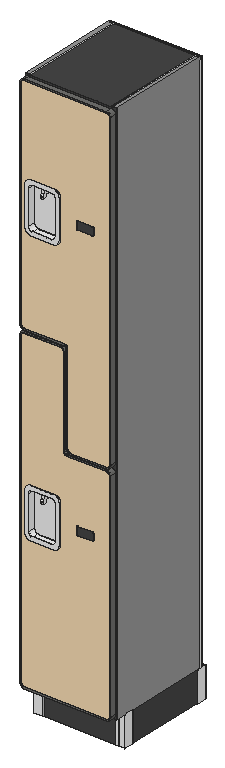
Revit family "Wood_Lockers-Salsbury_Industries-37000_Series-1_Wide_Units", category Specialty Equipment, Revit 2026 (continued)
Definition of nested family "Wood Locker S-Style Bottom Doors"
  Automatic sketch dimensions
    plane 13 "Left Side of Number Tag" to Extrusion 6 sketch curve = 0.000"
    plane 11 "Top of Number Tag" to Extrusion 6 sketch curve = 0.000"
    plane 13 "Left Side of Number Tag" to Extrusion 6 sketch curve = 0.14916"  (x2)
    Extrusion 6 sketch curve to plane 14 "Right Side of Number Tag" = 0.14916"
    Extrusion 6 sketch curve to plane 14 "Right Side of Number Tag" = 0.000"
    Extrusion 6 sketch curve to plane 12 "Bottom of Number Tag" = 0.14916"
    Extrusion 6 sketch curve to plane 12 "Bottom of Number Tag" = 0.000"
    plane 31 "Hasp Inset-Left" to Extrusion 7 sketch curve = 0.063"
    plane 34 "Hasp Inset-Bottom" to Extrusion 7 sketch curve = 0.063"
    Extrusion 7 sketch curve to plane 33 "Hasp Inset-Top" = 0.063"
    Extrusion 7 sketch curve to plane 32 "Hasp Inset-Right" = 0.0625"
    Extrusion 7 sketch curve to plane 31 "Hasp Inset-Left" = 0.437"
    plane 37 "Hasp Letters - Left Side" to Extrusion 7 sketch curve = 0.407"
    Extrusion 7 sketch curve to plane 38 "Hasp Letters - Right Side" = 0.4065"
    Extrusion 7 sketch curve to Extrusion 7 sketch curve = 0.500"
    Extrusion 8 sketch curve to plane 18 "Right Side of Hasp" = 0.000"
    Extrusion 8 sketch curve to plane 20 "Top of Hasp" = 0.000"
    Extrusion 8 sketch curve to plane 21 "Bottom of Hasp" = 0.000"
    Extrusion 8 sketch curve to plane 17 "Left Side of Hasp" = 0.000"
    plane 32 "Hasp Inset-Right" to Extrusion 8 sketch curve = 0.250"
    Extrusion 8 sketch curve to plane 44 "Hasp Handle - Center of Lock Hole" = 0.125"
    Extrusion 8 sketch curve to plane 31 "Hasp Inset-Left" = 0.250"  (x2)
    plane 31 "Hasp Inset-Left" to Extrusion 9 sketch curve = 0.000"
    Extrusion 9 sketch curve to plane 33 "Hasp Inset-Top" = 0.000"
    Extrusion 9 sketch curve to plane 34 "Hasp Inset-Bottom" = 0.000"
    plane 32 "Hasp Inset-Right" to Extrusion 9 sketch curve = 0.000"
    plane 37 "Hasp Letters - Left Side" to Extrusion 9 sketch curve = 0.344"  (x2)
    Extrusion 9 sketch curve to plane 38 "Hasp Letters - Right Side" = 0.344"
    plane 44 "Hasp Handle - Center of Lock Hole" to Extrusion 9 sketch curve = 0.125"
    Extrusion 10 sketch curve to plane 28 "Melamine-Particleboard Line" = 0.000"
    plane 33 "Hasp Inset-Top" to Extrusion 10 sketch curve = 0.000"
    Extrusion 10 sketch curve to plane 27 "Laminate-Particleboard Line" = 0.000"
    plane 43 "Hasp Handle - Lock Area Bottom" to Extrusion 10 sketch curve = 0.000"
    Extrusion 10 sketch curve to plane 22 "Front of Hasp" = 0.000"
    Extrusion 10 sketch curve to plane 45 = 0.000"
    plane 41 "Hasp Handle - Bottom" to Extrusion 10 sketch curve = 0.000"
    Extrusion 10 sketch curve to plane 42 "Hasp Handle - Lip" = 0.07049"
    Extrusion 10 sketch curve to plane 42 "Hasp Handle - Lip" = 0.06247"
    plane 43 "Hasp Handle - Lock Area Bottom" to Extrusion 10 sketch curve = 0.02394"
    plane 1 "Center (Front/Back)" to Extrusion 10 sketch curve = 0.063"
    Extrusion 10 sketch curve to plane 41 "Hasp Handle - Bottom" = 0.09888"  (x2)
    Extrusion 10 sketch curve to plane 29 "Back of Number Plate Inset" = 0.03992"
    Extrusion 10 sketch curve to Extrusion 10 sketch curve = 0.100"
    plane 7 "Front of Door" to Extrusion 10 sketch curve = 0.04375"
    Extrusion 11 sketch curve to plane 1 "Center (Front/Back)" = 0.000"
    plane 44 "Hasp Handle - Center of Lock Hole" to Extrusion 11 sketch curve = 0.000"
    Extrusion 12 sketch curve to plane 51 = 0.000"
    Extrusion 12 sketch curve to plane 52 = 0.000"
    plane 53 "Top Hinge" to Extrusion 13 sketch curve = 0.250"
    plane 54 to Extrusion 13 sketch curve = 0.000"
    Extrusion 13 sketch curve to plane 53 "Top Hinge" = 0.250"
    plane 54 to Extrusion 13 sketch curve = 0.500"
    plane 55 "Bottom Hinge" to Extrusion 14 sketch curve = 0.250"
    plane 54 to Extrusion 14 sketch curve = 0.000"
    plane 54 to Extrusion 14 sketch curve = 0.500"
    Extrusion 14 sketch curve to plane 55 "Bottom Hinge" = 0.250"
    plane 10 "Center of Door" to Extrusion 15 sketch curve = 0.250"
    plane 54 to Extrusion 15 sketch curve = 0.000"
    plane 54 to Extrusion 15 sketch curve = 0.500"
    Extrusion 15 sketch curve to plane 10 "Center of Door" = 0.250"
    plane 23 "Left Side of Door-Right Side of Trim" to Extrusion 3 sketch curve = 0.000"
    Extrusion 3 sketch curve to plane 26 "Bottom of Door-Top of Trim" = 0.000"
    plane 51 to Extrusion 3 sketch curve = 0.000"  (x2)
    Extrusion 3 sketch curve to plane 25 "Top of Door-Bottom of Trim" = 0.000"
    Extrusion 3 sketch curve to plane 52 = 0.000"
    plane 58 to Extrusion 3 sketch curve = 0.000"
    Extrusion 3 sketch curve to plane 59 = 0.000"
    plane 24 "Right Side of Door-Left Side of Trim" to Extrusion 3 sketch curve = 0.000"
    Extrusion 3 sketch curve to plane 56 "Long Panel Edge" = 0.275"
    Extrusion 3 sketch curve to plane 54 = 0.100"  (x2)
    Sweep 4 sketch curve to profile plane = 0.000"
    profile plane to Sweep 4 sketch curve = 0.125"
    Sweep 4 sketch curve to plane 1 "Center (Front/Back)" = 0.375"
    plane 1 "Center (Front/Back)" to Sweep 4 sketch curve = 0.375"
    plane 23 "Left Side of Door-Right Side of Trim" to Extrusion 1 sketch curve = 0.000"
    Extrusion 1 sketch curve to plane 25 "Top of Door-Bottom of Trim" = 0.000"
    plane 51 to Extrusion 1 sketch curve = 0.000"  (x2)
    Extrusion 1 sketch curve to plane 26 "Bottom of Door-Top of Trim" = 0.000"
    Extrusion 1 sketch curve to plane 52 = 0.000"
    plane 58 to Extrusion 1 sketch curve = 0.000"
    Extrusion 1 sketch curve to plane 59 = 0.000"
    plane 24 "Right Side of Door-Left Side of Trim" to Extrusion 1 sketch curve = 0.000"
    Extrusion 1 sketch curve to plane 56 "Long Panel Edge" = 0.275"
    Extrusion 1 sketch curve to plane 54 = 0.100"  (x2)
    plane 23 "Left Side of Door-Right Side of Trim" to Extrusion 2 sketch curve = 0.000"
    Extrusion 2 sketch curve to plane 25 "Top of Door-Bottom of Trim" = 0.000"
    plane 51 to Extrusion 2 sketch curve = 0.000"  (x2)
    Extrusion 2 sketch curve to plane 26 "Bottom of Door-Top of Trim" = 0.000"
    Extrusion 2 sketch curve to plane 52 = 0.000"
    plane 58 to Extrusion 2 sketch curve = 0.000"
    Extrusion 2 sketch curve to plane 59 = 0.000"
    plane 24 "Right Side of Door-Left Side of Trim" to Extrusion 2 sketch curve = 0.000"
    Extrusion 2 sketch curve to plane 56 "Long Panel Edge" = 0.275"
    Extrusion 2 sketch curve to plane 54 = 0.100"  (x2)
    plane 23 "Left Side of Door-Right Side of Trim" to Sweep 4 sketch curve = 0.000"
    Sweep 4 sketch curve to plane 26 "Bottom of Door-Top of Trim" = 0.000"
    plane 51 to Sweep 4 sketch curve = 0.000"  (x2)
    Sweep 4 sketch curve to plane 25 "Top of Door-Bottom of Trim" = 0.000"
    Sweep 4 sketch curve to plane 52 = 0.000"
    plane 58 to Sweep 4 sketch curve = 0.000"
    Sweep 4 sketch curve to plane 59 = 0.000"
    plane 24 "Right Side of Door-Left Side of Trim" to Sweep 4 sketch curve = 0.000"
    Sweep 4 sketch curve to plane 56 "Long Panel Edge" = 0.275"
    Sweep 4 sketch curve to plane 54 = 0.100"  (x2)
    curve 7 to plane 52 = 0.250"
    plane 25 "Top of Door-Bottom of Trim" to curve 7 = 0.150"
    plane 51 to curve 22 = 0.000"
    plane 51 to curve 17 = 0.000"
    curve 18 to plane 52 = 0.000"
    curve 32 to plane 31 "Hasp Inset-Left" = 0.250"
    curve 34 to plane 31 "Hasp Inset-Left" = 0.250"
    plane 37 "Hasp Letters - Left Side" to curve 37 = 0.344"
    plane 44 "Hasp Handle - Center of Lock Hole" to curve 40 = 0.125"
    curve 38 to plane 38 "Hasp Letters - Right Side" = 0.344"
    curve 41 to plane 38 "Hasp Letters - Right Side" = 0.344"
    curve 30 to plane 44 "Hasp Handle - Center of Lock Hole" = 0.125"
    plane 32 "Hasp Inset-Right" to curve 31 = 0.250"
    plane 3 "Center (Left/Right)" to curve 19 = 0.1495"
    curve 49 to plane 12 "Bottom of Number Tag" = 0.14916"
    curve 54 to curve 48 = 0.14916"
    curve 53 to plane 14 "Right Side of Number Tag" = 0.14916"
    curve 50 to curve 50 = 0.14916"
    curve 23 to plane 54 = 0.100"
    curve 20 to plane 54 = 0.100"
    radius of Extrusion 11 sketch curve = 0.175"
    radius of Extrusion 12 sketch curve = 0.250"
Definition of nested family "Wood Locker Bases"
  Parameters (values of type "Base - 12" W x 15" D Lockers")
    Width = 12.000"
    Visible Base = yes
    Visible = no
    Model = "Base - 12\" W x 15\" D Lockers"
    Manufacturer = "Salsbury Industries"
    Height = 4.000"
    Depth = 13.250"
    Default Elevation = 0.000"
    Base Secondary Material = none
    Base Primary Materials = none
    Base Hardware = none
  Types (14): name | Width | Visible Base | Visible | Model | Depth
    (no name) | 12.000" | yes | no | "Base - 12\" W x 15\" D Lockers" | 13.250"
    Base - 12" W x 15" D Lockers | 12.000" | yes | no | "Base - 12\" W x 15\" D Lockers" | 13.250"
    Base - 12" W x 18" D Lockers | 12.000" | yes | no | "Base - 12\" W x 18\" D Lockers" | 16.250"
    Base - 12" W x 21" D Lockers | 12.000" | yes | no | "Base - 12\" W x 21\" D Lockers" | 19.250"
    Base - 36" W x 15" D Lockers | 36.000" | yes | yes | "Base - 36\" W x 15\" D Lockers" | 13.250"
    Base - 36" W x 18" D Lockers | 36.000" | yes | yes | "Base - 36\" W x 18\" D Lockers" | 16.250"
    Base - 36" W x 21" D Lockers | 36.000" | yes | yes | "Base - 36\" W x 21\" D Lockers" | 19.250"
    Base - 15" W x 18" D Lockers | 15.000" | yes | no | "Base - 15\" W x 18\" D Lockers" | 16.250"
    Base - 15" W x 21" D Lockers | 15.000" | yes | no | "Base - 15\" W x 21\" D Lockers" | 19.250"
    Base - 15" W x 24" D Lockers | 15.000" | yes | no | "Base - 15\" W x 24\" D Lockers" | 22.250"
    Base - 45" W x 18" D Lockers | 45.000" | yes | yes | "Base - 45\" W x 18\" D Lockers" | 16.250"
    Base - 45" W x 21" D Lockers | 45.000" | yes | yes | "Base - 45\" W x 21\" D Lockers" | 19.250"
    Base - 45" W x 24" D Lockers | 45.000" | yes | yes | "Base - 45\" W x 24\" D Lockers" | 22.250"
    None | 12.000" | no | no | "Base - 12\" W x 15\" D Lockers" | 13.250"
  Reference planes (in)
    plane 1 "Center (Front/Back)": y = 0
    plane 2: z = 0
    plane 3 "Center (Left/Right)": x = 0
    plane 4 "Left Edge": x = -6
    plane 5 "Right Edge": x = 6
    plane 6 "Back Edge": y = 6.625
    plane 7 "Front Edge": y = -6.625
    plane 8 "Bottom Edge": z = 0
    plane 9 "Top Edge": z = 4
    plane 10: x = -4.75
    plane 11: x = -4.102
    plane 12: y = 6.562
    plane 13: y = 5.8
    plane 14: x = -5.131
    plane 15: x = -5.256
    plane 16: x = -5.937
    plane 17: x = -5.175
    plane 18: y = 4.727
    plane 19: y = 5.375
    plane 20: y = 5.756
    plane 21: y = 5.881
    plane 22: x = -5.931
    plane 23: x = 5.931
    plane 24: y = 6.556
    plane 25: y = -6.556
    plane 26: y = 6.525
    plane 27: y = -6.525
    plane 28: x = -5.9
    plane 29: x = 5.9
    plane 30: x = -2.375
    plane 31: x = 2.375
  Forms (in)
    Extrusion 1, solid, material <- "Base Hardware", visible <- "Visible Base"
      sketch origin (0, 0, 0) x (1, 0, 0) y (0, 1, 0)
        loop
          arc (-5.967125, 6.625) -> (-5.9909808, 6.6159808) -> (-6, 6.592125) r 0.031
          line (-6, 6.592125) -> (-6, 5.4065)
          arc (-6, 5.4065) -> (-5.9685, 5.375) -> (-5.937, 5.4065) r 0.0315
          line (-5.937, 5.4065) -> (-5.937, 5.756) -> (-5.837, 5.756) -> (-5.837, 5.819) -> (-5.937, 5.819) -> (-5.937, 6.5146499) -> (-5.256, 5.8336499) -> (-5.256, 5.756) -> (-5.175, 5.756) -> (-5.175, 4.7583269)
          arc (-5.175, 4.7583269) -> (-5.1436731, 4.727) -> (-5.1123463, 4.7583269) r 0.0313269
          line (-5.1123463, 4.7583269) -> (-5.1123463, 5.737032) -> (-4.133484, 5.737032)
          arc (-4.133484, 5.737032) -> (-4.102, 5.768516) -> (-4.133484, 5.8) r 0.031484
          line (-4.133484, 5.8) -> (-5.131, 5.8) -> (-5.131, 5.881) -> (-5.2142208, 5.881) -> (-5.8952208, 6.562) -> (-5.194, 6.562) -> (-5.194, 6.462) -> (-5.131, 6.462) -> (-5.131, 6.562) -> (-4.7814004, 6.562)
          arc (-4.7814004, 6.562) -> (-4.7499004, 6.5935) -> (-4.7814004, 6.625) r 0.0315
          line (-4.7814004, 6.625) -> (-5.967125, 6.625)
      from 0 to 4
    Extrusion 2, solid, material <- "Base Hardware", visible <- "Visible Base"
      sketch origin (0, 0, 0) x (-1, 0, 0) y (0, -1, 0)
        loop
          line (-5.967125, -6.625) -> (-4.7814004, -6.625)
          arc (-4.7814004, -6.625) -> (-4.7499004, -6.5935) -> (-4.7814004, -6.562) r 0.0315
          line (-4.7814004, -6.562) -> (-5.131, -6.562) -> (-5.131, -6.462) -> (-5.194, -6.462) -> (-5.194, -6.562) -> (-5.8952208, -6.562) -> (-5.2142208, -5.881) -> (-5.131, -5.881) -> (-5.131, -5.8) -> (-4.133484, -5.8)
          arc (-4.133484, -5.8) -> (-4.102, -5.768516) -> (-4.133484, -5.737032) r 0.031484
          line (-4.133484, -5.737032) -> (-5.1123463, -5.737032) -> (-5.1123463, -4.7583269)
          arc (-5.1123463, -4.7583269) -> (-5.1436731, -4.727) -> (-5.175, -4.7583269) r 0.0313269
          line (-5.175, -4.7583269) -> (-5.175, -5.756) -> (-5.256, -5.756) -> (-5.256, -5.8336499) -> (-5.937, -6.5146499) -> (-5.937, -5.819) -> (-5.837, -5.819) -> (-5.837, -5.756) -> (-5.937, -5.756) -> (-5.937, -5.4065)
          arc (-5.937, -5.4065) -> (-5.9685, -5.375) -> (-6, -5.4065) r 0.0315
          line (-6, -5.4065) -> (-6, -6.592125)
          arc (-6, -6.592125) -> (-5.9909808, -6.6159808) -> (-5.967125, -6.625) r 0.031
      from 0 to 4
    Extrusion 3, solid, material <- "Base Hardware", visible <- "Visible Base"
      sketch origin (0, 0, 0) x (1, 0, 0) y (0, 1, 0)
        loop
          line (-5.967125, -6.625) -> (-4.7814004, -6.625)
          arc (-4.7814004, -6.625) -> (-4.7499004, -6.5935) -> (-4.7814004, -6.562) r 0.0315
          line (-4.7814004, -6.562) -> (-5.131, -6.562) -> (-5.131, -6.462) -> (-5.194, -6.462) -> (-5.194, -6.562) -> (-5.8952208, -6.562) -> (-5.2142208, -5.881) -> (-5.131, -5.881) -> (-5.131, -5.8) -> (-4.133484, -5.8)
          arc (-4.133484, -5.8) -> (-4.102, -5.768516) -> (-4.133484, -5.737032) r 0.031484
          line (-4.133484, -5.737032) -> (-5.1123463, -5.737032) -> (-5.1123463, -4.7583269)
          arc (-5.1123463, -4.7583269) -> (-5.1436731, -4.727) -> (-5.175, -4.7583269) r 0.0313269
          line (-5.175, -4.7583269) -> (-5.175, -5.756) -> (-5.256, -5.756) -> (-5.256, -5.8336499) -> (-5.937, -6.5146499) -> (-5.937, -5.819) -> (-5.837, -5.819) -> (-5.837, -5.756) -> (-5.937, -5.756) -> (-5.937, -5.4065)
          arc (-5.937, -5.4065) -> (-5.9685, -5.375) -> (-6, -5.4065) r 0.0315
          line (-6, -5.4065) -> (-6, -6.592125)
          arc (-6, -6.592125) -> (-5.9909808, -6.6159808) -> (-5.967125, -6.625) r 0.031
      from 0 to 4
    Extrusion 4, solid, material <- "Base Hardware", visible <- "Visible Base"
      sketch origin (0, 0, 0) x (-1, 0, 0) y (0, -1, 0)
        loop
          arc (-5.967125, 6.625) -> (-5.9909808, 6.6159808) -> (-6, 6.592125) r 0.031
          line (-6, 6.592125) -> (-6, 5.4065)
          arc (-6, 5.4065) -> (-5.9685, 5.375) -> (-5.937, 5.4065) r 0.0315
          line (-5.937, 5.4065) -> (-5.937, 5.756) -> (-5.837, 5.756) -> (-5.837, 5.819) -> (-5.937, 5.819) -> (-5.937, 6.5146499) -> (-5.256, 5.8336499) -> (-5.256, 5.756) -> (-5.175, 5.756) -> (-5.175, 4.7583269)
          arc (-5.175, 4.7583269) -> (-5.1436731, 4.727) -> (-5.1123463, 4.7583269) r 0.0313269
          line (-5.1123463, 4.7583269) -> (-5.1123463, 5.737032) -> (-4.133484, 5.737032)
          arc (-4.133484, 5.737032) -> (-4.102, 5.768516) -> (-4.133484, 5.8) r 0.031484
          line (-4.133484, 5.8) -> (-5.131, 5.8) -> (-5.131, 5.881) -> (-5.2142208, 5.881) -> (-5.8952208, 6.562) -> (-5.194, 6.562) -> (-5.194, 6.462) -> (-5.131, 6.462) -> (-5.131, 6.562) -> (-4.7814004, 6.562)
          arc (-4.7814004, 6.562) -> (-4.7499004, 6.5935) -> (-4.7814004, 6.625) r 0.0315
          line (-4.7814004, 6.625) -> (-5.967125, 6.625)
      from 0 to 4
    Extrusion 5, solid, material <- "Base Secondary Material", visible <- "Visible Base"
      sketch origin (0, 0, 0) x (0, -1, 0) y (1, 0, 0)
        loop
          line (-5.756, 5.9) -> (-5.756, 5.181) -> (5.7569692, 5.181) -> (5.7569692, 5.9) -> (-5.756, 5.9)
      from 0 to 4
    Extrusion 6, solid, material <- "Base Secondary Material", visible <- "Visible Base"
      sketch origin (0, 0, 0) x (0, -1, 0) y (1, 0, 0)
        loop
          line (-5.756, -5.9) -> (5.7569692, -5.9) -> (5.7569692, -5.181) -> (-5.756, -5.181) -> (-5.756, -5.9)
      from 0 to 4
    Extrusion 7, solid, material <- "Base Secondary Material", visible <- "Visible Base"
      sketch origin (-2.0552074, 0.625, 0) x (1, 0, 0) y (0, 1, 0)
        loop
          line (-3.0757926, 5.9) -> (-3.0757926, 5.181) -> (7.1862074, 5.181) -> (7.1862074, 5.9) -> (-3.0757926, 5.9)
      from 0 to 4
    Extrusion 8, solid, material <- "Base Secondary Material", visible <- "Visible Base"
      sketch origin (-2.0552074, -0.625, 0) x (1, 0, 0) y (0, 1, 0)
        loop
          line (-3.0757926, -5.9) -> (7.1862074, -5.9) -> (7.1862074, -5.181) -> (-3.0757926, -5.181) -> (-3.0757926, -5.9)
      from 0 to 4
    Extrusion 9, solid, material <- "Base Primary Materials", visible <- "Visible Base"
      sketch origin (0.7645193, 0, 0) x (0, -1, 0) y (1, 0, 0)
        loop
          line (-5.756, 5.1664807) -> (-5.756, 5.1354807) -> (5.7569692, 5.1354807) -> (5.7569692, 5.1664807) -> (-5.756, 5.1664807)
      from 0 to 4
    Extrusion 10, solid, material <- "Base Primary Materials", visible <- "Visible Base"
      sketch origin (-0.719, 0, 0) x (0, -1, 0) y (1, 0, 0)
        loop
          line (-5.756, -5.212) -> (5.7569692, -5.212) -> (5.7569692, -5.181) -> (-5.756, -5.181) -> (-5.756, -5.212)
      from 0 to 4
    Extrusion 11, solid, material <- "Base Primary Materials", visible <- "Visible Base"
      sketch origin (-2.0552074, 1.344, 0) x (1, 0, 0) y (0, 1, 0)
        loop
          line (-3.0757926, 5.218) -> (-3.0757926, 5.181) -> (7.1862074, 5.181) -> (7.1862074, 5.218) -> (-3.0757926, 5.218)
      from 0 to 4
    Extrusion 12, solid, material <- "Base Primary Materials", visible <- "Visible Base"
      sketch origin (-2.0552074, -1.344, 0) x (1, 0, 0) y (0, 1, 0)
        loop
          line (-3.0757926, -5.212) -> (7.1862074, -5.212) -> (7.1862074, -5.181) -> (-3.0757926, -5.181) -> (-3.0757926, -5.212)
      from 0 to 4
    Extrusion 13, solid, material <- "Base Secondary Material", visible <- "Visible"
      sketch origin (0, 0, 4) x (0, -1, 0) y (1, 0, 0)
        loop
          line (-5.806, -2.375) -> (5.806, -2.375) -> (5.806, 2.375) -> (-5.806, 2.375) -> (-5.806, -2.375)
      from 0 to -0.75
    Extrusion 14, solid, material <- "Base Secondary Material", visible <- "Visible"
      sketch origin (0, 0, 0) x (0, -1, 0) y (1, 0, 0)
        loop
          line (-5.806, -2.375) -> (-5.056, -2.375) -> (-5.056, 2.375) -> (-5.806, 2.375) -> (-5.806, -2.375)
      from 0 to 3.25
    Extrusion 15, solid, material <- "Base Secondary Material", visible <- "Visible"
      sketch origin (0, 0, 0) x (0, 1, 0) y (-1, 0, 0)
        loop
          line (-5.806, 2.375) -> (-5.806, -2.375) -> (-5.056, -2.375) -> (-5.056, 2.375) -> (-5.806, 2.375)
      from 0 to 3.25
  Dimensions and locks (in)
    equal spacing: plane 4 "Left Edge", plane 3 "Center (Left/Right)", plane 5 "Right Edge"
    "Width": plane 4 "Left Edge" to plane 5 "Right Edge"
    equal spacing: plane 7 "Front Edge", plane 1 "Center (Front/Back)", plane 6 "Back Edge"
    "Depth": plane 7 "Front Edge" to plane 6 "Back Edge"
    "Height": plane 9 "Top Edge" to plane 8 "Bottom Edge"
    locked: plane 4 "Left Edge" to plane 10 at 1.25
    locked: plane 4 "Left Edge" to plane 11 at 1.898
    locked: plane 12 to plane 6 "Back Edge" at 0.063
    plane 14 to plane 10 = 0.381"
    locked: plane 12 to plane 13 at 0.762
    locked: plane 4 "Left Edge" to plane 16 at 0.063
    locked: plane 16 to plane 17 at 0.762
    locked: plane 19 to plane 6 "Back Edge" at 1.25
    locked: plane 18 to plane 6 "Back Edge" at 1.898
    plane 15 to plane 17 = 0.081"
    plane 21 to plane 13 = 0.081"
    plane 19 to plane 20 = 0.381"
    plane 24 to plane 6 "Back Edge" = 0.069"
    plane 7 "Front Edge" to plane 25 = 0.069"
    plane 23 to plane 5 "Right Edge" = 0.069"
    plane 4 "Left Edge" to plane 22 = 0.069"
    plane 26 to plane 24 = 0.031"
    plane 25 to plane 27 = 0.031"
    plane 22 to plane 28 = 0.031"
    plane 29 to plane 23 = 0.031"
    plane 30 to plane 3 "Center (Left/Right)" to plane 31 = 2.375" locked, 2.375" locked
    aligned and locked: level to plane 2
    aligned and locked: plane 30 to Extrusion 13
    aligned and locked: plane 30 to Extrusion 14
    aligned and locked: plane 30 to Extrusion 15
    aligned and locked: Extrusion 13 to plane 31
    aligned and locked: Extrusion 14 to plane 31
    aligned and locked: Extrusion 15 to plane 31
  Automatic sketch dimensions
    Extrusion 1 sketch curve to plane 4 "Left Edge" = 0.000"
    plane 6 "Back Edge" to Extrusion 1 sketch curve = 0.000"
    Extrusion 1 sketch curve to plane 16 = 0.000"  (x2)
    Extrusion 1 sketch curve to plane 12 = 0.000"  (x2)
    plane 20 to Extrusion 1 sketch curve = 0.000"  (x2)
    Extrusion 1 sketch curve to plane 15 = 0.000"
    plane 21 to Extrusion 1 sketch curve = 0.000"
    Extrusion 1 sketch curve to plane 17 = 0.000"
    Extrusion 1 sketch curve to plane 14 = 0.000"  (x2)
    Extrusion 1 sketch curve to plane 13 = 0.000"
    Extrusion 1 sketch curve to plane 4 "Left Edge" = 0.03094"
    plane 16 to Extrusion 1 sketch curve = 0.03012"
    Extrusion 1 sketch curve to plane 28 = 0.00478"
    Extrusion 1 sketch curve to plane 28 = 0.063"
    plane 17 to Extrusion 1 sketch curve = 0.03922"
    plane 17 to Extrusion 1 sketch curve = 0.019"
    plane 14 to Extrusion 1 sketch curve = 0.01267"
    plane 10 to Extrusion 1 sketch curve = 0.0314"
    plane 11 to Extrusion 1 sketch curve = 0.03148"
    plane 20 to Extrusion 1 sketch curve = 0.01897"
    Extrusion 1 sketch curve to plane 19 = 0.0315"
    Extrusion 1 sketch curve to plane 18 = 0.03133"
    plane 13 to Extrusion 1 sketch curve = 0.019"
    plane 13 to Extrusion 1 sketch curve = 0.03365"
    plane 26 to Extrusion 1 sketch curve = 0.063"
    plane 26 to Extrusion 1 sketch curve = 0.01035"
    plane 12 to Extrusion 1 sketch curve = 0.03012"
    Extrusion 2 sketch curve to plane 5 "Right Edge" = 0.000"
    plane 6 "Back Edge" to Extrusion 2 sketch curve = 0.000"
    plane 20 to Extrusion 2 sketch curve = 0.000"  (x2)
    plane 12 to Extrusion 2 sketch curve = 0.000"  (x2)
    plane 21 to Extrusion 2 sketch curve = 0.000"
    plane 13 to Extrusion 2 sketch curve = 0.000"
    Extrusion 2 sketch curve to plane 5 "Right Edge" = 0.03094"
    Extrusion 2 sketch curve to Extrusion 2 sketch curve = 0.0315"
    Extrusion 2 sketch curve to Extrusion 2 sketch curve = 0.00194"
    plane 23 to Extrusion 2 sketch curve = 0.006"
    Extrusion 2 sketch curve to plane 29 = 0.00478"
    Extrusion 2 sketch curve to plane 29 = 0.063"
    Extrusion 2 sketch curve to plane 13 = 0.03365"
    Extrusion 2 sketch curve to Extrusion 2 sketch curve = 0.581"
    Extrusion 2 sketch curve to Extrusion 2 sketch curve = 0.04178"
    Extrusion 2 sketch curve to plane 26 = 0.063"
    Extrusion 2 sketch curve to Extrusion 2 sketch curve = 0.02022"
    plane 18 to Extrusion 2 sketch curve = 0.03133"
    Extrusion 2 sketch curve to plane 29 = 0.725"
    Extrusion 2 sketch curve to Extrusion 2 sketch curve = 0.03133"
    Extrusion 2 sketch curve to Extrusion 2 sketch curve = 0.063"
    Extrusion 2 sketch curve to Extrusion 2 sketch curve = 0.08322"
    Extrusion 2 sketch curve to Extrusion 2 sketch curve = 0.3496"
    Extrusion 2 sketch curve to Extrusion 2 sketch curve = 0.97886"
    plane 19 to Extrusion 2 sketch curve = 0.0315"
    Extrusion 2 sketch curve to plane 20 = 0.01897"
    Extrusion 2 sketch curve to plane 13 = 0.019"
    Extrusion 2 sketch curve to plane 26 = 0.01035"
    Extrusion 2 sketch curve to plane 12 = 0.03012"
    Extrusion 3 sketch curve to plane 4 "Left Edge" = 0.000"
    plane 7 "Front Edge" to Extrusion 3 sketch curve = 0.000"
    Extrusion 3 sketch curve to plane 16 = 0.000"  (x2)
    Extrusion 3 sketch curve to plane 15 = 0.000"
    Extrusion 3 sketch curve to plane 17 = 0.000"
    Extrusion 3 sketch curve to plane 14 = 0.000"  (x2)
    plane 4 "Left Edge" to Extrusion 3 sketch curve = 0.03094"
    Extrusion 3 sketch curve to plane 16 = 0.03012"
    plane 28 to Extrusion 3 sketch curve = 0.00478"
    plane 28 to Extrusion 3 sketch curve = 0.063"
    Extrusion 3 sketch curve to plane 17 = 0.03922"
    Extrusion 3 sketch curve to plane 17 = 0.019"
    Extrusion 3 sketch curve to plane 14 = 0.01267"
    Extrusion 3 sketch curve to plane 25 = 0.006"  (x2)
    Extrusion 3 sketch curve to plane 10 = 0.0314"
    Extrusion 3 sketch curve to plane 11 = 0.03148"
    plane 27 to Extrusion 3 sketch curve = 0.01035"
    plane 27 to Extrusion 3 sketch curve = 0.063"
    Extrusion 3 sketch curve to Extrusion 3 sketch curve = 0.581"
    Extrusion 3 sketch curve to Extrusion 3 sketch curve = 0.04735"
    Extrusion 3 sketch curve to Extrusion 3 sketch curve = 0.01465"
    Extrusion 3 sketch curve to Extrusion 3 sketch curve = 0.081"
    Extrusion 3 sketch curve to Extrusion 3 sketch curve = 0.03148"
    Extrusion 3 sketch curve to Extrusion 3 sketch curve = 0.044"
    Extrusion 3 sketch curve to Extrusion 3 sketch curve = 0.063"
    Extrusion 3 sketch curve to Extrusion 3 sketch curve = 0.3495"
    Extrusion 3 sketch curve to Extrusion 3 sketch curve = 0.97871"
    plane 7 "Front Edge" to Extrusion 3 sketch curve = 0.03288"
    Extrusion 4 sketch curve to plane 5 "Right Edge" = 0.000"
    plane 7 "Front Edge" to Extrusion 4 sketch curve = 0.000"
    plane 5 "Right Edge" to Extrusion 4 sketch curve = 0.03094"
    Extrusion 4 sketch curve to Extrusion 4 sketch curve = 0.0315"
    Extrusion 4 sketch curve to Extrusion 4 sketch curve = 0.00194"
    Extrusion 4 sketch curve to plane 23 = 0.006"
    plane 29 to Extrusion 4 sketch curve = 0.00478"
    plane 29 to Extrusion 4 sketch curve = 0.063"
    Extrusion 4 sketch curve to Extrusion 4 sketch curve = 0.581"
    Extrusion 4 sketch curve to Extrusion 4 sketch curve = 0.04178"
    Extrusion 4 sketch curve to plane 27 = 0.063"
    Extrusion 4 sketch curve to Extrusion 4 sketch curve = 0.02022"
    plane 29 to Extrusion 4 sketch curve = 0.725"
    Extrusion 4 sketch curve to Extrusion 4 sketch curve = 0.03133"
    Extrusion 4 sketch curve to Extrusion 4 sketch curve = 0.063"  (x2)
    Extrusion 4 sketch curve to Extrusion 4 sketch curve = 0.08322"
    plane 25 to Extrusion 4 sketch curve = 0.006"  (x2)
    Extrusion 4 sketch curve to Extrusion 4 sketch curve = 0.3496"
    Extrusion 4 sketch curve to plane 27 = 0.725"
    Extrusion 4 sketch curve to Extrusion 4 sketch curve = 0.97886"
    Extrusion 4 sketch curve to Extrusion 4 sketch curve = 0.03148"
    Extrusion 4 sketch curve to Extrusion 4 sketch curve = 0.044"
    Extrusion 4 sketch curve to Extrusion 4 sketch curve = 0.000"
    Extrusion 4 sketch curve to Extrusion 4 sketch curve = 0.3495"
    Extrusion 4 sketch curve to Extrusion 4 sketch curve = 0.97871"
    Extrusion 4 sketch curve to Extrusion 4 sketch curve = 0.07765"
    Extrusion 4 sketch curve to Extrusion 4 sketch curve = 0.081"
    Extrusion 4 sketch curve to plane 27 = 0.01035"
    Extrusion 4 sketch curve to plane 7 "Front Edge" = 0.03288"
    plane 20 to Extrusion 5 sketch curve = 0.000"
    Extrusion 5 sketch curve to plane 29 = 0.000"
    Extrusion 5 sketch curve to plane 27 = 0.76803"
    plane 29 to Extrusion 5 sketch curve = 0.719"
    plane 20 to Extrusion 6 sketch curve = 0.000"
    Extrusion 6 sketch curve to plane 28 = 0.000"
    plane 27 to Extrusion 6 sketch curve = 0.76803"
    Extrusion 6 sketch curve to plane 17 = 0.006"
    Extrusion 7 sketch curve to plane 14 = 0.000"
    plane 26 to Extrusion 7 sketch curve = 0.000"
    plane 29 to Extrusion 7 sketch curve = 0.769"
    plane 13 to Extrusion 7 sketch curve = 0.006"
    Extrusion 8 sketch curve to plane 14 = 0.000"
    plane 27 to Extrusion 8 sketch curve = 0.000"
    Extrusion 8 sketch curve to plane 29 = 0.769"
    plane 27 to Extrusion 8 sketch curve = 0.719"
    plane 20 to Extrusion 9 sketch curve = 0.000"
    Extrusion 9 sketch curve to plane 23 = 0.000"
    Extrusion 9 sketch curve to plane 29 = 0.000"
    Extrusion 9 sketch curve to plane 27 = 0.76803"
    plane 20 to Extrusion 10 sketch curve = 0.000"
    Extrusion 10 sketch curve to plane 22 = 0.000"
    Extrusion 10 sketch curve to plane 28 = 0.000"
    plane 27 to Extrusion 10 sketch curve = 0.76803"
    Extrusion 11 sketch curve to plane 14 = 0.000"
    plane 12 to Extrusion 11 sketch curve = 0.000"
    plane 26 to Extrusion 11 sketch curve = 0.000"
    plane 29 to Extrusion 11 sketch curve = 0.769"
    Extrusion 12 sketch curve to plane 14 = 0.000"
    plane 25 to Extrusion 12 sketch curve = 0.000"
    plane 27 to Extrusion 12 sketch curve = 0.000"
    Extrusion 12 sketch curve to plane 29 = 0.769"
    plane 13 to Extrusion 13 sketch curve = 0.006"
    Extrusion 13 sketch curve to plane 27 = 0.719"
    Extrusion 13 sketch curve to plane 11 = 1.727"
    plane 3 "Center (Left/Right)" to Extrusion 13 sketch curve = 2.375"
    plane 13 to Extrusion 14 sketch curve = 0.006"
    plane 19 to Extrusion 14 sketch curve = 0.319"
    Extrusion 14 sketch curve to plane 11 = 1.727"
    plane 3 "Center (Left/Right)" to Extrusion 14 sketch curve = 2.375"
    plane 27 to Extrusion 15 sketch curve = 0.719"
    Extrusion 15 sketch curve to Extrusion 15 sketch curve = 0.750"
    plane 11 to Extrusion 15 sketch curve = 1.727"
    Extrusion 15 sketch curve to plane 3 "Center (Left/Right)" = 2.375"
Definition of nested family "Wood Locker S-Style Top Doors"
  Parameters (values of type "Double Tier Top S-Door for Six Foot High Locker")
    Width = 11.875"
    Visible Number Plates = yes
    Visible Center Hinge = no
    Short Panel Edge = 29.500"
    Primary Structure Materials = none
    Number Tag-Vertical Offset = 14.750"
    Number Tag-Horizontal Offset = 3.3125"
    Number Tag Width = 2.250"
    Number Tag Height = 1.063"
    Model = "Designer Locker Doors"
    Manufacturer = "Salsbury Industries"
    Long Panel Edge = 5.812"
    Laminate Surface = none
    Height = 42.062"
    Hasp Vertical Offset = 14.750"
    Door Trim = none
    Door Hasps = none
    Depth = 0.750"
    Default Elevation = 0.000"
  Types (4): name | Width | Short Panel Edge | Number Tag-Vertical Offset | Number Tag-Horizontal Offset | Long Panel Edge | Height | Hasp Vertical Offset
    (no name) | 11.875" | 29.500" | 14.750" | 3.3125" | 5.812" | 42.062" | 14.750"
    Double Tier Top S-Door for Six Foot High Locker | 11.875" | 29.500" | 14.750" | 3.3125" | 5.812" | 42.062" | 14.750"
    Double Tier Top S-Door for Five Foot High Locker | 11.875" | 23.500" | 11.750" | 3.3125" | 5.812" | 36.062" | 11.750"
    Extra Wide Double Tier Top S-Door | 14.875" | 29.500" | 14.750" | 4.813" | 7.250" | 42.062" | 14.750"
  Reference planes (in)
    plane 1 "Center (Front/Back)": y = 0
    plane 2: z = 0
    plane 3 "Center (Left/Right)": x = 0
    plane 4 "Left Side of Door": x = -5.9375
    plane 5 "Right Side of Door": x = 5.9375
    plane 6 "Back of Door": y = 0.375
    plane 7 "Front of Door": y = -0.375
    plane 8 "Bottom of Door": z = 0
    plane 9 "Top of Door": z = 42.062
    plane 10 "Center of Door": z = 21.031
    plane 11 "Top of Number Tag": z = 27.8435
    plane 12 "Bottom of Number Tag": z = 26.7805
    plane 13 "Left Side of Number Tag": x = 1.5
    plane 14 "Right Side of Number Tag": x = 3.75
    plane 15 "Horizontal Center of Number Tag": x = 2.625
    plane 16 "Center of Number Tag": z = 27.312
    plane 17 "Left Side of Hasp": x = -5.1875
    plane 18 "Right Side of Hasp": x = -0.6875
    plane 19 "Hasp Vertical Center": z = 27.312
    plane 20 "Top of Hasp": z = 30.562
    plane 21 "Bottom of Hasp": z = 24.062
    plane 22 "Front of Hasp": y = -0.5
    plane 23 "Left Side of Door-Right Side of Trim": x = -5.8125
    plane 24 "Right Side of Door-Left Side of Trim": x = 5.8125
    plane 25 "Top of Door-Bottom of Trim": z = 41.937
    plane 26 "Bottom of Door-Top of Trim": z = 0.125
    plane 27 "Laminate-Particleboard Line": y = -0.344
    plane 28 "Melamine-Particleboard Line": y = 0.344
    plane 29 "Back of Number Plate Inset": y = -0.313
    plane 30 "Center of Hasp": x = -2.9375
    plane 31 "Hasp Inset-Left": x = -4.6875
    plane 32 "Hasp Inset-Right": x = -1.1875
    plane 33 "Hasp Inset-Top": z = 30.062
    plane 34 "Hasp Inset-Bottom": z = 24.562
    plane 35: z = 30.218
    plane 36: z = 30.406
    plane 37 "Hasp Letters - Left Side": x = -3.8435
    plane 38 "Hasp Letters - Right Side": x = -2.0315
    plane 39 "Hasp Handle - Left Side": x = -3.0935
    plane 40 "Hasp Handle - Right Side": x = -2.7815
    plane 41 "Hasp Handle - Bottom": z = 28.937
    plane 42 "Hasp Handle - Lip": z = 29.374
    plane 43 "Hasp Handle - Lock Area Bottom": z = 29.312
    plane 44 "Hasp Handle - Center of Lock Hole": z = 29.687
    plane 45: y = -0.188
    plane 46 "Door Stopper Plane": y = 0.625
    plane 47 "Bottom of Hasp Hole": z = 24.499
    plane 48 "Top of Hasp Hole": z = 30.125
    plane 49 "Left Side of Hasp Hole": x = -4.7505
    plane 50 "Right Side of Hasp Hole": x = -1.125
    plane 51: x = -5.4125
    plane 52: z = 41.537
    plane 53 "Top Hinge": z = 39.062
    plane 54: x = 5.3125
    plane 55 "Bottom Hinge": z = 3
    plane 56 "Long Panel Edge": x = 0.1255
    plane 57: z = 12.562
    plane 58: x = -3.1245
    plane 59: z = 12.687
    plane 60: x = 0.2505
  Forms (in)
    Extrusion 1, solid, detail levels fine
      sketch origin (0, 0, 0) x (1, 0, 0) y (0, 0, 1)
        loop
          arc (-5.8125, 13.087) -> (-5.6953427, 12.8041573) -> (-5.4125, 12.687) r 0.4
          line (-5.4125, 12.687) -> (-0.1495, 12.687)
          arc (-0.1495, 12.687) -> (0.1333427, 12.5698427) -> (0.2505, 12.287) r 0.4
          line (0.2505, 12.287) -> (0.2505, 0.525)
          arc (0.2505, 0.525) -> (0.3676573, 0.2421573) -> (0.6505, 0.125) r 0.4
          line (0.6505, 0.125) -> (5.4125, 0.125)
          arc (5.4125, 0.125) -> (5.6953427, 0.2421573) -> (5.8125, 0.525) r 0.4
          line (5.8125, 0.525) -> (5.8125, 41.537)
          arc (5.8125, 41.537) -> (5.6953427, 41.8198427) -> (5.4125, 41.937) r 0.4
          line (5.4125, 41.937) -> (-5.4125, 41.937)
          arc (-5.4125, 41.937) -> (-5.6953427, 41.8198427) -> (-5.8125, 41.537) r 0.4
          line (-5.8125, 41.537) -> (-5.8125, 13.087)
      from -0.344 to 0.344
    Extrusion 2, solid, material <- "Primary Structure Materials"
      sketch origin (0, 0.375, 0) x (1, 0, 0) y (0, 0, 1)
        loop
          arc (-5.8125, 13.087) -> (-5.6953427, 12.8041573) -> (-5.4125, 12.687) r 0.4
          line (-5.4125, 12.687) -> (-0.1495, 12.687)
          arc (-0.1495, 12.687) -> (0.1333427, 12.5698427) -> (0.2505, 12.287) r 0.4
          line (0.2505, 12.287) -> (0.2505, 0.525)
          arc (0.2505, 0.525) -> (0.3676573, 0.2421573) -> (0.6505, 0.125) r 0.4
          line (0.6505, 0.125) -> (5.4125, 0.125)
          arc (5.4125, 0.125) -> (5.6953427, 0.2421573) -> (5.8125, 0.525) r 0.4
          line (5.8125, 0.525) -> (5.8125, 41.537)
          arc (5.8125, 41.537) -> (5.6953427, 41.8198427) -> (5.4125, 41.937) r 0.4
          line (5.4125, 41.937) -> (-5.4125, 41.937)
          arc (-5.4125, 41.937) -> (-5.6953427, 41.8198427) -> (-5.8125, 41.537) r 0.4
          line (-5.8125, 41.537) -> (-5.8125, 13.087)
      from 0.031 to 0
    Extrusion 3, solid, material <- "Laminate Surface"
      sketch origin (0, -0.375, 0) x (1, 0, 0) y (0, 0, 1)
        loop
          arc (-5.8125, 13.087) -> (-5.6953427, 12.8041573) -> (-5.4125, 12.687) r 0.4
          line (-5.4125, 12.687) -> (-0.1495, 12.687)
          arc (-0.1495, 12.687) -> (0.1333427, 12.5698427) -> (0.2505, 12.287) r 0.4
          line (0.2505, 12.287) -> (0.2505, 0.525)
          arc (0.2505, 0.525) -> (0.3676573, 0.2421573) -> (0.6505, 0.125) r 0.4
          line (0.6505, 0.125) -> (5.4125, 0.125)
          arc (5.4125, 0.125) -> (5.6953427, 0.2421573) -> (5.8125, 0.525) r 0.4
          line (5.8125, 0.525) -> (5.8125, 41.537)
          arc (5.8125, 41.537) -> (5.6953427, 41.8198427) -> (5.4125, 41.937) r 0.4
          line (5.4125, 41.937) -> (-5.4125, 41.937)
          arc (-5.4125, 41.937) -> (-5.6953427, 41.8198427) -> (-5.8125, 41.537) r 0.4
          line (-5.8125, 41.537) -> (-5.8125, 13.087)
      from 0 to -0.031
    Sweep 4, solid, material <- "Door Trim"
      path origin (0, 0, 0) x (1, 0, 0) y (0, 0, 1)
        loop
          arc (-5.4125, 41.937) -> (-5.6953427, 41.8198427) -> (-5.8125, 41.537) r 0.4
          line (-5.8125, 41.537) -> (-5.8125, 13.087)
          arc (-5.8125, 13.087) -> (-5.6953427, 12.8041573) -> (-5.4125, 12.687) r 0.4
          line (-5.4125, 12.687) -> (-0.1495, 12.687)
          arc (-0.1495, 12.687) -> (0.1333427, 12.5698427) -> (0.2505, 12.287) r 0.4
          line (0.2505, 12.287) -> (0.2505, 0.525)
          arc (0.2505, 0.525) -> (0.3676573, 0.2421573) -> (0.6505, 0.125) r 0.4
          line (0.6505, 0.125) -> (5.4125, 0.125)
          arc (5.4125, 0.125) -> (5.6953427, 0.2421573) -> (5.8125, 0.525) r 0.4
          line (5.8125, 0.525) -> (5.8125, 41.537)
          arc (5.8125, 41.537) -> (5.6953427, 41.8198427) -> (5.4125, 41.937) r 0.4
          line (5.4125, 41.937) -> (-5.4125, 41.937)
      profile origin (-5.6953427, 0, 41.8198427) x (0.707107, 0, -0.707107) y (0, -1, 0)
        loop
          line (-0.125, 0.375) -> (-0.125, -0.375) -> (0, -0.375) -> (0, 0.375) -> (-0.125, 0.375)
    Extrusion 5, void
      sketch origin (0, -0.313, 0) x (1, 0, 0) y (0, 0, 1)
        loop
          arc (1.6491576, 27.8435) -> (1.5436872, 27.7998128) -> (1.5, 27.6943424) r 0.1491576
          line (1.5, 27.6943424) -> (1.5, 26.9296576)
          arc (1.5, 26.9296576) -> (1.5436872, 26.8241872) -> (1.6491576, 26.7805) r 0.1491576
          line (1.6491576, 26.7805) -> (3.6008424, 26.7805)
          arc (3.6008424, 26.7805) -> (3.7063128, 26.8241872) -> (3.75, 26.9296576) r 0.1491576
          line (3.75, 26.9296576) -> (3.75, 27.6943424)
          arc (3.75, 27.6943424) -> (3.7063128, 27.7998128) -> (3.6008424, 27.8435) r 0.1491576
          line (3.6008424, 27.8435) -> (1.6491576, 27.8435)
      from 0 to 0.062
    Extrusion 6, solid, visible <- "Visible Number Plates", detail levels medium+fine
      sketch origin (0, -0.375, 0) x (1, 0, 0) y (0, 0, 1)
        loop
          arc (1.6491576, 27.8435) -> (1.5436872, 27.7998128) -> (1.5, 27.6943424) r 0.1491576
          line (1.5, 27.6943424) -> (1.5, 26.9296576)
          arc (1.5, 26.9296576) -> (1.5436872, 26.8241872) -> (1.6491576, 26.7805) r 0.1491576
          line (1.6491576, 26.7805) -> (3.6008424, 26.7805)
          arc (3.6008424, 26.7805) -> (3.7063128, 26.8241872) -> (3.75, 26.9296576) r 0.1491576
          line (3.75, 26.9296576) -> (3.75, 27.6943424)
          arc (3.75, 27.6943424) -> (3.7063128, 27.7998128) -> (3.6008424, 27.8435) r 0.1491576
          line (3.6008424, 27.8435) -> (1.6491576, 27.8435)
      from -0.062 to 0
    Extrusion 7, void
      sketch origin (0, 0.375, 0) x (1, 0, 0) y (0, 0, 1)
        loop
          line (-4.7505, 29.625) -> (-4.7505, 24.999)
          arc (-4.7505, 24.999) -> (-4.6040534, 24.6454466) -> (-4.2505, 24.499) r 0.5
          line (-4.2505, 24.499) -> (-1.625, 24.499)
          arc (-1.625, 24.499) -> (-1.2714466, 24.6454466) -> (-1.125, 24.999) r 0.5
          line (-1.125, 24.999) -> (-1.125, 29.625)
          arc (-1.125, 29.625) -> (-1.2714466, 29.9785534) -> (-1.625, 30.125) r 0.5
          line (-1.625, 30.125) -> (-4.2505, 30.125)
          arc (-4.2505, 30.125) -> (-4.6040534, 29.9785534) -> (-4.7505, 29.625) r 0.5
      from 0 to 0.875
    Extrusion 8, solid, material <- "Door Hasps"
      sketch origin (0, -0.5, 0) x (-1, 0, 0) y (0, 0, 1)
        loop
          arc (1.4375, 30.562) -> (0.9071699, 30.3423301) -> (0.6875, 29.812) r 0.75
          line (0.6875, 29.812) -> (0.6875, 24.812)
          arc (0.6875, 24.812) -> (0.9071699, 24.2816699) -> (1.4375, 24.062) r 0.75
          line (1.4375, 24.062) -> (4.4375, 24.062)
          arc (4.4375, 24.062) -> (4.9678301, 24.2816699) -> (5.1875, 24.812) r 0.75
          line (5.1875, 24.812) -> (5.1875, 29.812)
          arc (5.1875, 29.812) -> (4.9678301, 30.3423301) -> (4.4375, 30.562) r 0.75
          line (4.4375, 30.562) -> (1.4375, 30.562)
      from 0 to 1.125
    Extrusion 9, void
      sketch origin (0, 0.375, 0) x (1, 0, 0) y (0, 0, 1)
        loop
          arc (-4.1875, 30.062) -> (-4.5410534, 29.9155534) -> (-4.6875, 29.562) r 0.5
          line (-4.6875, 29.562) -> (-4.6875, 25.062)
          arc (-4.6875, 25.062) -> (-4.5410534, 24.7084466) -> (-4.1875, 24.562) r 0.5
          line (-4.1875, 24.562) -> (-1.6875, 24.562)
          arc (-1.6875, 24.562) -> (-1.3339466, 24.7084466) -> (-1.1875, 25.062) r 0.5
          line (-1.1875, 25.062) -> (-1.1875, 29.562)
          arc (-1.1875, 29.562) -> (-1.3339466, 29.9155534) -> (-1.6875, 30.062) r 0.5
          line (-1.6875, 30.062) -> (-4.1875, 30.062)
      from 0 to 0.875
    Extrusion 10, solid, material <- "Door Hasps"
      sketch origin (-2.9375, 0, 0) x (0, 0, -1) y (0, -1, 0)
        loop
          line (-30.062, -0.344) -> (-29.312, -0.344) -> (-29.312, 0.063)
          arc (-29.312, 0.063) -> (-29.2753883, 0.1513883) -> (-29.187, 0.188) r 0.125
          line (-29.187, 0.188) -> (-29.0358813, 0.188)
          arc (-29.0358813, 0.188) -> (-28.970657, 0.212199) -> (-28.937, 0.2730843) r 0.1
          line (-28.937, 0.2730843) -> (-28.937, 0.4149157)
          arc (-28.937, 0.4149157) -> (-28.970657, 0.475801) -> (-29.0358813, 0.5) r 0.1
          line (-29.0358813, 0.5) -> (-29.2880625, 0.5)
          arc (-29.2880625, 0.5) -> (-29.3455181, 0.4762011) -> (-29.369317, 0.4187455) r 0.0812545
          arc (-29.369317, 0.4187455) -> (-29.3885715, 0.3685045) -> (-29.4364714, 0.344) r 0.0751745
          line (-29.4364714, 0.344) -> (-30.062, 0.344) -> (-30.062, -0.344)
      from -0.156 to 0.156
    Extrusion 11, void
      sketch origin (-2.9375, 0, 0) x (0, 0, -1) y (0, -1, 0)
        loop
          circle (-29.687, 0) r 0.175
      from -0.156 to 0.156
    Extrusion 12, solid, detail levels fine
      sketch origin (0, 0.375, 0) x (1, 0, 0) y (0, 0, 1)
        loop
          circle (-5.4125, 41.537) r 0.25
      from 0 to -0.25
    Extrusion 13, solid, detail levels fine
      sketch origin (0, 0.375, 0) x (1, 0, 0) y (0, 0, 1)
        loop
          line (5.3125, 38.812) -> (5.3125, 39.312) -> (4.8125, 39.312) -> (4.8125, 38.812) -> (5.3125, 38.812)
      from 0 to -0.25
    Extrusion 14, solid, detail levels fine
      sketch origin (0, 0.375, -0.25) x (1, 0, 0) y (0, 0, 1)
        loop
          line (5.3125, 3) -> (5.3125, 3.5) -> (4.8125, 3.5) -> (4.8125, 3) -> (5.3125, 3)
      from 0 to -0.25
    Extrusion 15, solid, visible <- "Visible Center Hinge", detail levels fine
      sketch origin (0, 0.375, -0.25) x (1, 0, 0) y (0, 0, 1)
        loop
          line (5.3125, 21.031) -> (5.3125, 21.531) -> (4.8125, 21.531) -> (4.8125, 21.031) -> (5.3125, 21.031)
      from 0 to -0.25
  Cuts and joins
    Extrusion 5, Extrusion 7, Extrusion 11 cuts Extrusion 1
    Extrusion 5, Extrusion 7 cuts Extrusion 3
    Extrusion 7 cuts Extrusion 2
    Extrusion 9, Extrusion 11 cuts Extrusion 8
    Extrusion 11 cuts Sweep 4
    Extrusion 11 cuts Extrusion 10
  Lines and regions (in)
    symbolic lines
      curve 1: line (-5.9375, 0.375, 41.937) -> (5.9375, 0.375, 41.937)
      curve 2: line (-5.9375, -0.375, 41.937) -> (-5.9375, 0.375, 41.937)
      curve 3: line (5.9375, -0.375, 41.937) -> (-5.9375, -0.375, 41.937)
      curve 4: line (5.9375, 0.375, 41.937) -> (5.9375, -0.375, 41.937)
      curve 5: line (-5.6625, 0.375, 41.937) -> (-5.6625, 0.625, 41.937)
      curve 6: line (-5.1616175, 0.375, 41.937) -> (-5.1616175, 0.625, 41.937)
      curve 7: line (-5.1616175, 0.625, 41.937) -> (-5.6625, 0.625, 41.937)
      curve 8: line (4.8125, 0.375, 41.937) -> (4.8125, 0.625, 41.937)
      curve 9: line (5.3125, 0.375, 41.937) -> (5.3125, 0.625, 41.937)
      curve 10: line (5.3125, 0.625, 41.937) -> (4.8125, 0.625, 41.937)
      curve 11: line (-5.1875, -0.375, 41.937) -> (-5.1875, -0.5, 41.937)
      curve 12: line (-5.1875, -0.5, 41.937) -> (-0.6875, -0.5, 41.937)
      curve 13: line (-0.6875, -0.5, 41.937) -> (-0.6875, -0.375, 41.937)
      curve 14: line (-2.9375, -0.375, 42.062) -> (-2.9375, 0.375, 42.062)
      curve 15: line (-2.9375, -0.375, 0) -> (-2.9375, -0.375, 42.062)
      curve 16: line (-2.9375, 0.375, 0) -> (-2.9375, -0.375, 0)
      curve 17: line (-2.9375, 0.375, 42.062) -> (-2.9375, 0.375, 0)
      curve 18: line (-2.9375, 0.375, 41.2876719) -> (-2.9375, 0.625, 41.2876719)
      curve 19: line (-2.9375, 0.625, 41.2876719) -> (-2.9375, 0.625, 41.787)
      curve 20: line (-2.9375, 0.625, 41.787) -> (-2.9375, 0.375, 41.787)
      curve 21: line (-2.9375, -0.375, 30.562) -> (-2.9375, -0.5, 30.562)
      curve 22: line (-2.9375, -0.5, 30.562) -> (-2.9375, -0.5, 24.062)
      curve 23: line (-2.9375, -0.5, 24.062) -> (-2.9375, -0.375, 24.062)
      curve 24: line (-2.9375, 0.375, 39.312) -> (-2.9375, 0.625, 39.312)
      curve 25: line (-2.9375, 0.625, 39.312) -> (-2.9375, 0.625, 38.812)
      curve 26: line (-2.9375, 0.625, 38.812) -> (-2.9375, 0.375, 38.812)
      curve 27: line (-2.9375, 0.375, 3.25) -> (-2.9375, 0.625, 3.25)
      curve 28: line (-2.9375, 0.625, 3.25) -> (-2.9375, 0.625, 2.75)
      curve 29: line (-2.9375, 0.625, 2.75) -> (-2.9375, 0.375, 2.75)
      curve 30: arc (-5.9375, 0.375, 41.537) -> (-5.7837311, 0.375, 41.9082311) -> (-5.4125, 0.375, 42.062) r 0.525
      curve 31: arc (5.9375, 0.375, 41.537) -> (5.7837311, 0.375, 41.9082311) -> (5.4125, 0.375, 42.062) r 0.525
      curve 32: arc (-5.4125, 0.375, 12.562) -> (-5.7837311, 0.375, 12.7157689) -> (-5.9375, 0.375, 13.087) r 0.525
      curve 33: arc (-0.1495, 0.375, 12.562) -> (0.0449544, 0.375, 12.4814544) -> (0.1255, 0.375, 12.287) r 0.275
      curve 34: arc (5.4125, 0.375, 0) -> (5.7837311, 0.375, 0.1537689) -> (5.9375, 0.375, 0.525) r 0.525
      curve 35: arc (0.6505, 0.375, 0) -> (0.2792689, 0.375, 0.1537689) -> (0.1255, 0.375, 0.525) r 0.525
      curve 36: line (0.6505, 0.375, 0) -> (5.4125, 0.375, 0)
      curve 37: line (5.9375, 0.375, 0.525) -> (5.9375, 0.375, 41.537)
      curve 38: line (5.4125, 0.375, 42.062) -> (-5.4125, 0.375, 42.062)
      curve 39: line (-5.9375, 0.375, 41.537) -> (-5.9375, 0.375, 13.087)
      curve 40: line (-5.4125, 0.375, 12.562) -> (-0.1495, 0.375, 12.562)
      curve 41: line (0.1255, 0.375, 12.287) -> (0.1255, 0.375, 0.525)
      curve 42: arc (1.5, 0.375, 27.6943424) -> (1.5436872, 0.375, 27.7998128) -> (1.6491576, 0.375, 27.8435) r 0.1491576
      curve 43: arc (1.6491576, 0.375, 26.7805) -> (1.5436872, 0.375, 26.8241872) -> (1.5, 0.375, 26.9296576) r 0.1491576
      curve 44: arc (3.6008424, 0.375, 26.7805) -> (3.7063128, 0.375, 26.8241872) -> (3.75, 0.375, 26.9296576) r 0.1491576
      curve 45: arc (3.75, 0.375, 27.6943424) -> (3.7063128, 0.375, 27.7998128) -> (3.6008424, 0.375, 27.8435) r 0.1491576
      curve 46: line (3.6008424, 0.375, 27.8435) -> (1.6491576, 0.375, 27.8435)
      curve 47: line (1.5, 0.375, 27.6943424) -> (1.5, 0.375, 26.9296576)
      curve 48: line (1.6491576, 0.375, 26.7805) -> (3.6008424, 0.375, 26.7805)
      curve 49: line (3.75, 0.375, 26.9296576) -> (3.75, 0.375, 27.6943424)
      curve 50: arc (-5.1875, 0.375, 29.812) -> (-4.9678301, 0.375, 30.3423301) -> (-4.4375, 0.375, 30.562) r 0.75
      curve 51: arc (-0.6875, 0.375, 29.812) -> (-0.9071699, 0.375, 30.3423301) -> (-1.4375, 0.375, 30.562) r 0.75
      curve 52: arc (-1.4375, 0.375, 24.062) -> (-0.9071699, 0.375, 24.2816699) -> (-0.6875, 0.375, 24.812) r 0.75
      curve 53: arc (-4.4375, 0.375, 24.062) -> (-4.9678301, 0.375, 24.2816699) -> (-5.1875, 0.375, 24.812) r 0.75
      curve 54: line (-4.4375, 0.375, 24.062) -> (-1.4375, 0.375, 24.062)
      curve 55: line (-0.6875, 0.375, 24.812) -> (-0.6875, 0.375, 29.812)
      curve 56: line (-1.4375, 0.375, 30.562) -> (-4.4375, 0.375, 30.562)
      curve 57: line (-5.1875, 0.375, 29.812) -> (-5.1875, 0.375, 24.812)
      curve 58: arc (-4.6875, 0.375, 29.562) -> (-4.5410534, 0.375, 29.9155534) -> (-4.1875, 0.375, 30.062) r 0.5
      curve 59: arc (-1.1875, 0.375, 29.562) -> (-1.3339466, 0.375, 29.9155534) -> (-1.6875, 0.375, 30.062) r 0.5
      curve 60: arc (-1.6875, 0.375, 24.562) -> (-1.3339466, 0.375, 24.7084466) -> (-1.1875, 0.375, 25.062) r 0.5
      curve 61: arc (-4.1875, 0.375, 24.562) -> (-4.5410534, 0.375, 24.7084466) -> (-4.6875, 0.375, 25.062) r 0.5
      curve 62: line (-4.6875, 0.375, 29.562) -> (-4.6875, 0.375, 25.062)
      curve 63: line (-4.1875, 0.375, 24.562) -> (-1.6875, 0.375, 24.562)
      curve 64: line (-1.1875, 0.375, 25.062) -> (-1.1875, 0.375, 29.562)
      curve 65: line (-1.6875, 0.375, 30.062) -> (-4.1875, 0.375, 30.062)
      curve 66: line (-3.0935, 0.375, 30.062) -> (-3.0935, 0.375, 28.937)
      curve 67: line (-3.0935, 0.375, 28.937) -> (-2.7815, 0.375, 28.937)
      curve 68: line (-2.7815, 0.375, 28.937) -> (-2.7815, 0.375, 30.062)
  Dimensions and locks (in)
    equal spacing: plane 4 "Left Side of Door", plane 3 "Center (Left/Right)", plane 5 "Right Side of Door"
    "Width": plane 4 "Left Side of Door" to plane 5 "Right Side of Door"
    equal spacing: plane 7 "Front of Door", plane 1 "Center (Front/Back)", plane 6 "Back of Door"
    "Depth": plane 7 "Front of Door" to plane 6 "Back of Door"
    equal spacing: plane 9 "Top of Door", plane 10 "Center of Door", plane 8 "Bottom of Door"
    "Height": plane 9 "Top of Door" to plane 8 "Bottom of Door"
    equal spacing: plane 11 "Top of Number Tag", plane 16 "Center of Number Tag", plane 12 "Bottom of Number Tag"
    "Number Tag Height": plane 11 "Top of Number Tag" to plane 12 "Bottom of Number Tag"
    equal spacing: plane 14 "Right Side of Number Tag", plane 15 "Horizontal Center of Number Tag", plane 13 "Left Side of Number Tag"
    "Number Tag Width": plane 14 "Right Side of Number Tag" to plane 13 "Left Side of Number Tag"
    "Number Tag-Horizontal Offset": plane 15 "Horizontal Center of Number Tag" to plane 5 "Right Side of Door"
    "Number Tag-Vertical Offset": plane 9 "Top of Door" to plane 16 "Center of Number Tag"
    locked: plane 4 "Left Side of Door" to plane 17 "Left Side of Hasp" at 0.75
    equal spacing: plane 20 "Top of Hasp", plane 19 "Hasp Vertical Center", plane 21 "Bottom of Hasp", locked at 3.25 each
    plane 20 "Top of Hasp" to plane 21 "Bottom of Hasp" = 6.500"
    plane 22 "Front of Hasp" to plane 7 "Front of Door" = 0.125"
    locked: plane 24 "Right Side of Door-Left Side of Trim" to plane 5 "Right Side of Door" at 0.125
    locked: plane 4 "Left Side of Door" to plane 23 "Left Side of Door-Right Side of Trim" at 0.125
    locked: plane 9 "Top of Door" to plane 25 "Top of Door-Bottom of Trim" at 0.125
    locked: plane 26 "Bottom of Door-Top of Trim" to plane 8 "Bottom of Door" at 0.125
    plane 28 "Melamine-Particleboard Line" to plane 6 "Back of Door" = 0.031"
    plane 7 "Front of Door" to plane 27 "Laminate-Particleboard Line" = 0.031"
    plane 27 "Laminate-Particleboard Line" to plane 29 "Back of Number Plate Inset" = 0.031"
    equal spacing: plane 18 "Right Side of Hasp", plane 30 "Center of Hasp", plane 17 "Left Side of Hasp"
    locked: plane 18 "Right Side of Hasp" to plane 17 "Left Side of Hasp" at 4.5
    plane 20 "Top of Hasp" to plane 33 "Hasp Inset-Top" = 0.500"
    plane 34 "Hasp Inset-Bottom" to plane 21 "Bottom of Hasp" = 0.500"
    plane 31 "Hasp Inset-Left" to plane 17 "Left Side of Hasp" = 0.500"
    plane 20 "Top of Hasp" to plane 36 to plane 35 to plane 33 "Hasp Inset-Top" = 0.156", 0.188", 0.156"
    plane 37 "Hasp Letters - Left Side" to plane 30 "Center of Hasp" to plane 38 "Hasp Letters - Right Side" = 0.906", 0.906"
    plane 32 "Hasp Inset-Right" to plane 18 "Right Side of Hasp" = 0.500"
    plane 40 "Hasp Handle - Right Side" to plane 30 "Center of Hasp" to plane 39 "Hasp Handle - Left Side" = 0.156", 0.156"
    plane 33 "Hasp Inset-Top" to plane 42 "Hasp Handle - Lip" to plane 43 "Hasp Handle - Lock Area Bottom" to plane 41 "Hasp Handle - Bottom" = 0.688", 0.062", 0.375"
    plane 48 "Top of Hasp Hole" to plane 33 "Hasp Inset-Top" to plane 44 "Hasp Handle - Center of Lock Hole" = 0.063", 0.375"
    plane 22 "Front of Hasp" to plane 45 = 0.312"
    plane 6 "Back of Door" to plane 46 "Door Stopper Plane" = 0.250"
    plane 32 "Hasp Inset-Right" to plane 50 "Right Side of Hasp Hole" = 0.0625"
    plane 34 "Hasp Inset-Bottom" to plane 47 "Bottom of Hasp Hole" = 0.063"
    plane 49 "Left Side of Hasp Hole" to plane 31 "Hasp Inset-Left" = 0.063"
    locked: plane 23 "Left Side of Door-Right Side of Trim" to plane 51 at 0.4
    locked: plane 25 "Top of Door-Bottom of Trim" to plane 52 at 0.4
    plane 54 to plane 5 "Right Side of Door" = 0.625"
    plane 59 to plane 57 = 0.125"
    plane 58 to plane 56 "Long Panel Edge" = 3.250"
    plane 9 "Top of Door" to plane 53 "Top Hinge" = 3.000"
    "Short Panel Edge": plane 9 "Top of Door" to plane 57
    "Long Panel Edge": plane 56 "Long Panel Edge" to plane 5 "Right Side of Door"
    Extrusion 2 sketch curve to plane 5 "Right Side of Door" = 0.125"
    plane 56 "Long Panel Edge" to plane 60 = 0.125"
    "Hasp Vertical Offset": plane 9 "Top of Door" to plane 19 "Hasp Vertical Center"
    aligned and locked: level to plane 2
    aligned and locked: Extrusion 5 to plane 11 "Top of Number Tag"
    aligned and locked: plane 12 "Bottom of Number Tag" to Extrusion 5
    aligned and locked: plane 14 "Right Side of Number Tag" to Extrusion 5
    aligned and locked: Extrusion 5 to plane 13 "Left Side of Number Tag"
    aligned and locked: Extrusion 5 to plane 29 "Back of Number Plate Inset"
    aligned and locked: plane 7 "Front of Door" to Extrusion 5
    aligned and locked: Extrusion 6 to plane 29 "Back of Number Plate Inset"
    aligned and locked: plane 7 "Front of Door" to Extrusion 6
    aligned and locked: plane 14 "Right Side of Number Tag" to Extrusion 6
    aligned and locked: Extrusion 6 to plane 13 "Left Side of Number Tag"
    aligned and locked: Extrusion 6 to plane 11 "Top of Number Tag"
    aligned and locked: plane 12 "Bottom of Number Tag" to Extrusion 6
    aligned and locked: cut or joined group of Extrusion 3, Extrusion 5, Extrusion 7 to plane 48 "Top of Hasp Hole"
    aligned and locked: plane 47 "Bottom of Hasp Hole" to cut or joined group of Extrusion 3, Extrusion 5, Extrusion 7
    aligned and locked: plane 49 "Left Side of Hasp Hole" to cut or joined group of Extrusion 3, Extrusion 5, Extrusion 7
    aligned and locked: cut or joined group of Extrusion 3, Extrusion 5, Extrusion 7 to plane 50 "Right Side of Hasp Hole"
    aligned and locked: Extrusion 10 to plane 33 "Hasp Inset-Top"
    aligned and locked: plane 41 "Hasp Handle - Bottom" to Extrusion 10
    aligned and locked: curve 1 to cut or joined group of Sweep 4, Extrusion 11
    aligned and locked: curve 2 to cut or joined group of Sweep 4, Extrusion 11
    aligned and locked: curve 3 to cut or joined group of Sweep 4, Extrusion 11
    aligned and locked: curve 4 to cut or joined group of Sweep 4, Extrusion 11
    aligned and locked: plane 46 "Door Stopper Plane" to curve 5
    aligned and locked: curve 7 to Extrusion 12
    aligned and locked: curve 1 to curve 8
    aligned and locked: curve 8 to Extrusion 13
    aligned and locked: curve 9 to Extrusion 13
    aligned and locked: curve 10 to Extrusion 13
    aligned and locked: plane 17 "Left Side of Hasp" to curve 11
    aligned and locked: curve 12 to cut or joined group of Extrusion 8, Extrusion 9, Extrusion 11
    aligned and locked: curve 13 to cut or joined group of Extrusion 8, Extrusion 9, Extrusion 11
    aligned and locked: curve 14 to cut or joined group of Sweep 4, Extrusion 11
    aligned and locked: curve 15 to cut or joined group of Sweep 4, Extrusion 11
